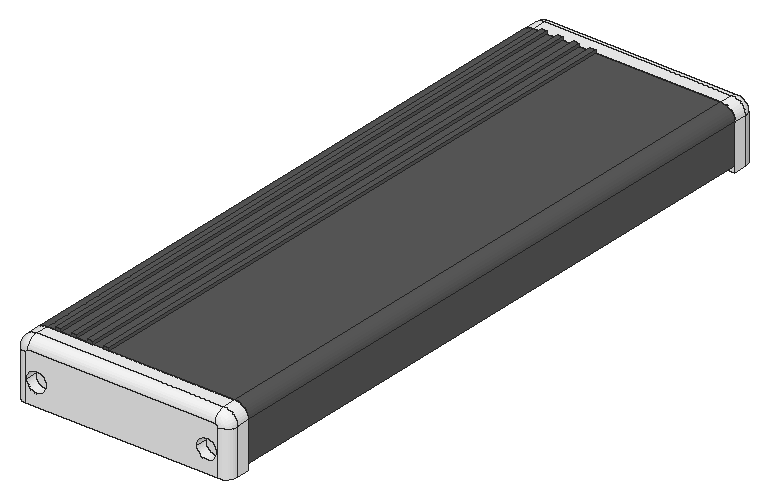
Revit family "JC KONTAKTER JCK217 DE", category Specialty Equipment, host Face, Revit 2025
Family settings
  Host = Face
  Round Connector Dimension = Use Diameter
  Part Type = Normal
  Enable Cutting in Views = Yes
  Cut with Voids When Loaded = No
  Maintain Annotation Orientation = Yes
  Shared = No
  Room Calculation Point = No
Parameters (values of type "JCK217")
  URL = "https://grossflaechentaster.de/produkt/grossflachentaster-metall/grossflachentaster-jck217/"
  Technisches Produktblatt = "https://grossflaechentaster.de/wp-content/uploads/sites/3/Technisches-Produktdatenblatt_JCK217_DE.pdf"
  Produktgewicht = "0.305 kg."
  Nomineller nennstrom = "12 V - Resistive 6A Inductive L/R 5ms 6A, 24 V - Resistive 6A Inductive L/R 5ms 5A"
  Model = "JCK217"
  Mikroschalter = "Standard NO IP67"
  Manufacturer = "JC kontakter"
  Kern = Aluminum 6060-T6
  Herstellungsland = "Schweden"
  Geringster nennstrom = "1mA/4 V DC"
  Endkappen = POM kunststoff (weiss)
  Description = "Großflächentaster aus schwarzeloxiertem Aluminium mit weißen Kunststoff-Endkappen. Die vier Tastlinien auf der Tastfläche zeigen an, wo der Taster zum Aktivieren der Türöffnung gedrückt werden muss. Mit einem feuchtigkeitsgeschützten Mikroschalter der IP-Klasse 67 ausgestattet. Für den Einsatz in Innen- und Außenbereichen geeignet."
  Default Elevation = 800 mm
  Deckel = Aluminum ENAW 6060-T6 (schwarz)
  CE-kennzeichnung = "https://jckontakter.se/wp-content/uploads/CE_Dokument.pdf"
  Anzahl der mikroschalter = 1
Reference planes
  plane 1 "Center (Front/Back)": y = 0
  plane 2: z = 0
  plane 3 "Center (Left/Right)": x = 0
  plane 4 "A": y = -122.5
Lines and regions (mm)
  symbolic lines
    curve 1: line (-50, 0, 50) -> (50, 0, 50)
    curve 2: line (-50, 0, 0) -> (-50, 0, 50)
    curve 3: line (50, 0, 0) -> (-50, 0, 0)
    curve 4: line (50, 0, 50) -> (50, 0, 0)
    curve 5: line (-40, 122.5, 0) -> (40, 122.5, 0)
    curve 6: line (-40, -122.5, 0) -> (-40, 122.5, 0)
    curve 7: line (40, -122.5, 0) -> (-40, -122.5, 0)
    curve 8: line (40, 122.5, 0) -> (40, -122.5, 0)
Text (mm)
  text "Entfernen Sie diesen Text vor der Verwendung.\n\nPlatzierungsanweisungen:\n\n1. In das Projekt laden.\n2. Bewegen Sie den Mauszeiger über die Fläche, auf der die Familie platziert werden soll.\n3. Wenn die Familie gedreht angezeigt wird, aktivieren Sie die Option „Nach Platzierung drehen.\n4. Klicken Sie auf die gewünschte Fläche.\n5. Geben Sie den gewünschten Winkel ein.\n6. Drücken Sie die Eingabetaste." at (123.173, 1072.34, 0), in view "Ref. Level"
Dimensions and locks
  aligned and locked: plane 2 to host face
  aligned and locked: level to host face
Nested families
  nested 1: "AK_217" at (0, -122.5, 0) x (1, 0, 0) z (0, 1, 0), type "AK_217"
Definition of nested family "AK_217"
  Parameters (values of type "AK_217")
    Default Elevation = 1219.2 mm
    Core Finish = none
    URL = "https://jckontakter.se/produkt/armbagskontakter-metall/armbagskontakt-i-aluminium-jck217/"
    Model = "JCK217"  # constant formula
    Manufacturer = "JC Kontakter"  # constant formula
    Lid Finish = none
    End Cap Finish = none
    Description = "JCK217 tillhör en serie armbågskontakter som har en plan tryckyta med fyra taktila rillor i. Rillorna fungerar som extra vägledning för personer med synnedsättning. Man kan enkelt känna sig till vart man ska trycka för att aktivera dörröppning. JCK217 är tillverkad i svarteloxerad aluminium och har vita endcaps. Den levereras med 1st mikrobrytare i IP67, men går även att beställa med fler."  # constant formula
  Reference planes
    plane 1 "Center (Front/Back)": y = 0
    plane 2: z = 0
    plane 3 "Center (Left/Right)": x = 0
    plane 4 "1": x = 40
    plane 5 "A": z = 9
    plane 6 "B": z = 236
  Forms (mm)
    Extrusion 1, solid, material <- "Core Finish"
      sketch origin (40, 0, 9) x (1, 0, 0) y (0, 1, 0)
        loop
          line (-80, 0) -> (-80, -1.2) -> (-75, -1.2) -> (-75, -8.75) -> (-73.2, -8.75) -> (-73.2, -1.2) -> (-11.2, -1.2) -> (-11.2, -8.75) -> (-2.249, -8.75)
          arc (-2.249, -8.75) -> (-3.331, -3.54) -> (-8.11, -1.2) r 6.05
          line (-8.11, -1.2) -> (-5.54, -1.2) -> (-5.54, 0) -> (-80, 0)
      from 0 to 227
    Extrusion 2, solid, material <- "Lid Finish"
      sketch origin (-40, 0, 9) x (-1, 0, 0) y (0, -1, 0)
        loop
          line (-3.92, 11.41) -> (-0.92, 6.4) -> (0, 6.4) -> (0, 16.83)
          arc (0, 16.83) -> (-1.464, 20.366) -> (-5, 21.83) r 5
          line (-5, 21.83) -> (-8, 21.83) -> (-8, 22.83) -> (-10, 22.83) -> (-10, 21.83) -> (-14, 21.83) -> (-14, 22.83) -> (-16, 22.83) -> (-16, 21.83) -> (-20, 21.83) -> (-20, 22.83) -> (-22, 22.83) -> (-22, 21.83) -> (-26, 21.83) -> (-26, 22.83) -> (-28, 22.83) -> (-28, 21.83) -> (-75, 21.83)
          arc (-75, 21.83) -> (-78.536, 20.366) -> (-80, 16.83) r 5
          line (-80, 16.83) -> (-80, 2.38) -> (-78.4, 2.38) -> (-78.4, 11.41) -> (-3.92, 11.41)
      from 0 to 227
    Extrusion 3, solid, material <- "End Cap Finish"
      sketch origin (-40, 0, 0) x (1, 0, 0) y (0, 1, 0)
        loop
          arc (0, -16.83) -> (1.464, -20.366) -> (5, -21.83) r 5
          line (5, -21.83) -> (75, -21.83)
          arc (75, -21.83) -> (78.536, -20.366) -> (80, -16.83) r 5
          line (80, -16.83) -> (80, 0) -> (0, 0) -> (0, -16.83)
      from 0 to 9
    Sweep 4, void
      path origin (0, 0, 0) x (1, 0, 0) y (0, 1, 0)
        loop
          line (42, 0) -> (42, -16.83)
          arc (42, -16.83) -> (39.95, -21.78) -> (35, -23.83) r 7
          line (35, -23.83) -> (-35, -23.83)
          arc (-35, -23.83) -> (-39.95, -21.78) -> (-42, -16.83) r 7
          line (-42, -16.83) -> (-42, 0)
      profile origin (0, -23.83, 0) x (0, -1, 0) y (0, 0, 1)
        loop
          line (-1, 4) -> (-2, 4)
          arc (-2, 4) -> (-3.172, 1.172) -> (-6, 0) r 4
          line (-6, 0) -> (-6, -1) -> (-1, -1) -> (-1, 4)
    Extrusion 5, solid, material <- "End Cap Finish"
      sketch origin (0, 0, 236) x (-1, 0, 0) y (0, -1, 0)
        loop
          arc (40, 16.83) -> (38.536, 20.366) -> (35, 21.83) r 5
          line (35, 21.83) -> (-35, 21.83)
          arc (-35, 21.83) -> (-38.536, 20.366) -> (-40, 16.83) r 5
          line (-40, 16.83) -> (-40, 0) -> (40, 0) -> (40, 16.83)
      from 0 to 9
    Sweep 6, void
      path origin (0, 0, 236) x (-1, 0, 0) y (0, -1, 0)
        loop
          line (-42, 0) -> (-42, 16.83)
          arc (-42, 16.83) -> (-39.95, 21.78) -> (-35, 23.83) r 7
          line (-35, 23.83) -> (35, 23.83)
          arc (35, 23.83) -> (39.95, 21.78) -> (42, 16.83) r 7
          line (42, 16.83) -> (42, 0)
      profile origin (0, -23.83, 236) x (0, -1, 0) y (0, 0, 1)
        loop
          line (-1, 5) -> (-1, 10) -> (-6, 10) -> (-6, 9)
          arc (-6, 9) -> (-3.172, 7.828) -> (-2, 5) r 4
          line (-2, 5) -> (-1, 5)
    Extrusion 7, void
      sketch origin (0, 0, 0) x (1, 0, 0) y (0, 1, 0)
        loop
          circle (-31.75, -8.25) r 3.75
        loop
          circle (31.75, -8.25) r 3.75
      from 0 to 4
  Cuts and joins
    Sweep 4, Sweep 6, Extrusion 7 cuts Extrusion 3
    Sweep 6 cuts Extrusion 5
  Dimensions and locks
    aligned and locked: level to plane 2
